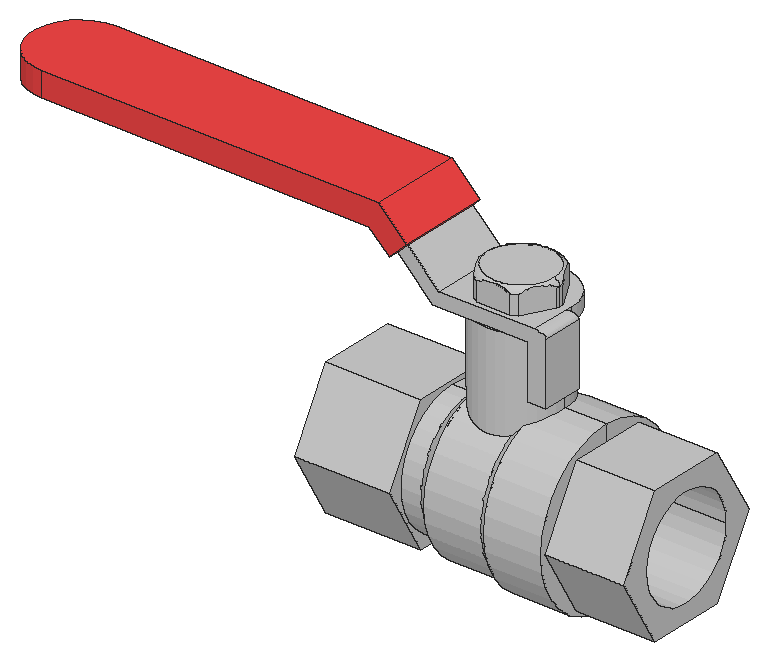
Revit family "РИДАН_BVR-R_Кран шаровой ГОСТ полнопроходной с внутренней резьбой", category Арматура трубопроводов, Revit 2019
Family settings
  Размер круглого соединителя = Использовать диаметр
  Тип детали = Вставляется
  На основе рабочей плоскости = Нет
  Всегда вертикально = Да
  При загрузке вырезать с полостями = Нет
  Общий = Нет
Parameters (values of type "DN15")
  УГО_Длина = p  # 28.61 mm
  Контакты_Производитель = "info@ridan.ru"  # constant formula
  p = size_lookup(LT, "p", 23 mm, ADSK_Диаметр условный)  # 28.61 mm
  o = size_lookup(LT, "o", 23 mm, ADSK_Диаметр условный)  # 29.25 mm
  n = size_lookup(LT, "n", 23 mm, ADSK_Диаметр условный)  # 16 mm
  m = size_lookup(LT, "m", 23 mm, ADSK_Диаметр условный)  # 18.63 mm
  l = size_lookup(LT, "l", 23 mm, ADSK_Диаметр условный)  # 25 mm
  k = size_lookup(LT, "k", 23 mm, ADSK_Диаметр условный)  # 30.6 mm
  j = size_lookup(LT, "j", 23 mm, ADSK_Диаметр условный)  # 24 mm
  i = size_lookup(LT, "i", 23 mm, ADSK_Диаметр условный)  # 28.5 mm
  h = size_lookup(LT, "h", 23 mm, ADSK_Диаметр условный)  # 6.64 mm
  g = size_lookup(LT, "g", 23 mm, ADSK_Диаметр условный)  # 14.68 mm
  f = size_lookup(LT, "f", 23 mm, ADSK_Диаметр условный)  # 10.57 mm
  e = size_lookup(LT, "e", 23 mm, ADSK_Диаметр условный)  # 1.46 mm
  d = size_lookup(LT, "d", 23 mm, ADSK_Диаметр условный)  # 10.42 mm
  c = size_lookup(LT, "c", 23 mm, ADSK_Диаметр условный)  # 2.37 mm
  b = size_lookup(LT, "b", 23 mm, ADSK_Диаметр условный)  # 3.78 mm
  a = size_lookup(LT, "a", 23 mm, ADSK_Диаметр условный)  # 17.71 mm
  URL = "https://ridan.ru/"
  LT = "BVR-R"  # constant formula
  ADSK_Расход жидкости = 0.0000 m³/h
  ADSK_Пропускная способность = size_lookup(LT, "Kv", 0.0000 m³/h, ADSK_Диаметр условный)  # 15.0000 m³/h
  ADSK_Потеря давления жидкости = 100000.0 Pa * (ADSK_Расход жидкости / ADSK_Пропускная способность) ^ 2  # 0.0 Pa
  ADSK_Наименование = "Кран шаровой ГОСТ BVR-R полнопроходной с внутренней резьбой PN40, Tmax=120C, DN15"
  ADSK_Материал = Латунь Никелированная
  ADSK_Масса_Текст = ""
  ADSK_Масса = size_lookup(LT, "M", 0, ADSK_Диаметр условный)  # 0.23
  ADSK_Марка = size_lookup(LT, "Mark", "", ADSK_Диаметр условный)  # "BVR-R DN15"
  ADSK_Количество = 1  # constant formula
  ADSK_Код изделия = size_lookup(LT, "", "", ADSK_Диаметр условный)  # "065B8307RG"
  ADSK_Завод-изготовитель = "ООО «Ридан-Трейд»"  # constant formula
  ADSK_Единица измерения = "шт."
  ADSK_Диаметр условный = 15 mm
  ADSK_Версия семейства = "1.0"  # constant formula
  ADSK_Версия Revit = "2019"  # constant formula
Types (10, lengths in mm): name | УГО_Длина | p | o | n | m | l | k | j | i | h | g | f | e | d | c | b | a | ADSK_Пропускная способность | ADSK_Наименование | ADSK_Масса | ADSK_Марка | ADSK_Код изделия | ADSK_Диаметр условный
  (no name) | 28.61 | 28.61 | 29.25 | 16 | 18.63 | 25 | 30.6 | 24 | 28.5 | 6.64 | 14.68 | 10.57 | 1.46 | 10.42 | 2.37 | 3.78 | 17.71 | 15.0000 m³/h | "Кран шаровой ГОСТ BVR-R полнопроходной с внутренней резьбой PN40, Tmax=120C, DN15" | 0.23 | "BVR-R DN15" | "065B8307RG" | 15
  DN15 | 28.61 | 28.61 | 29.25 | 16 | 18.63 | 25 | 30.6 | 24 | 28.5 | 6.64 | 14.68 | 10.57 | 1.46 | 10.42 | 2.37 | 3.78 | 17.71 | 15.0000 m³/h | "Кран шаровой ГОСТ BVR-R полнопроходной с внутренней резьбой PN40, Tmax=120C, DN15" | 0.23 | "BVR-R DN15" | "065B8307RG" | 15
  DN20 | 33.22 | 33.22 | 32.75 | 16 | 24.12 | 31 | 37.9 | 30.5 | 35.7 | 9.39 | 17.78 | 10.52 | 1.51 | 14.57 | 2.72 | 3.89 | 19 | 28.0000 m³/h | "Кран шаровой ГОСТ BVR-R полнопроходной с внутренней резьбой PN40, Tmax=120C, DN20" | 0.33 | "BVR-R DN20" | "065B8308RG" | 20
  DN25 | 39.32 | 39.32 | 39.85 | 19 | 30.29 | 38 | 46.5 | 38 | 44.7 | 10.78 | 21.68 | 12.22 | 1.31 | 17.1 | 3.47 | 4.6 | 23 | 39.0000 m³/h | "Кран шаровой ГОСТ BVR-R полнопроходной с внутренней резьбой PN40, Tmax=120C, DN25" | 0.55 | "BVR-R DN25" | "065B8309RG" | 25
  DN32 | 46.52 | 46.52 | 44.85 | 19 | 38.95 | 47 | 57 | 46.5 | 54.8 | 13.45 | 23.98 | 12.42 | 1.51 | 23.48 | 4.27 | 4.83 | 25.5 | 84.0000 m³/h | "Кран шаровой ГОСТ BVR-R полнопроходной с внутренней резьбой PN40, Tmax=120C, DN32" | 0.73 | "BVR-R DN32" | "065B8310RG" | 32
  DN40 | 54.92 | 54.92 | 51.85 | 22 | 44.85 | 54 | 68 | 54.5 | 66 | 17.69 | 26.08 | 14.92 | 1.41 | 28.77 | 5.87 | 3.94 | 26 | 156.0000 m³/h | "Кран шаровой ГОСТ BVR-R полнопроходной с внутренней резьбой PN40, Tmax=120C, DN40" | 1.2 | "BVR-R DN40" | "065B8311RG" | 40
  DN50 | 68.12 | 68.12 | 59.1 | 22 | 56.66 | 66 | 83.55 | 66 | 81.5 | 20.26 | 30.88 | 16.07 | 1.46 | 35.99 | 7.87 | 6.72 | 29 | 243.0000 m³/h | "Кран шаровой ГОСТ BVR-R полнопроходной с внутренней резьбой PN40, Tmax=120C, DN50" | 1.76 | "BVR-R DN50" | "065B8312RG" | 50
  DN65 | 80.12 | 80.12 | 81.45 | 38 | 72.23 | 84 | 103.5 | 81 | 101 | 21.39 | 25.68 | 16.87 | 1.66 | 43.47 | 10.12 | 7.99 | 26.5 | 476.0000 m³/h | "Кран шаровой ГОСТ BVR-R полнопроходной с внутренней резьбой PN25, Tmax=120C, DN65" | 3.38 | "BVR-R DN65" | "065B8313RG" | 65
  DN80 | 95.92 | 95.92 | 91.4 | 38 | 84.93 | 96 | 122 | 95.5 | 120 | 26.76 | 27.38 | 22.12 | 1.41 | 51.64 | 12.37 | 8.37 | 28 | 770.0000 m³/h | "Кран шаровой ГОСТ BVR-R полнопроходной с внутренней резьбой PN25, Tmax=120C, DN80" | 4.7 | "BVR-R DN80" | "065B8314RG" | 80
  DN100 | 120.22 | 120.22 | 116.05 | 46.21 | 110.07 | 123 | 152 | 122 | 149.8 | 34.86 | 31.18 | 25.22 | 1.51 | 66.84 | 14.02 | 12.62 | 30 | 1200.0000 m³/h | "Кран шаровой ГОСТ BVR-R полнопроходной с внутренней резьбой PN25, Tmax=120C, DN100" | 8.54 | "BVR-R DN100" | "065B8315RG" | 100
Reference planes
  plane 1 "По центру (Вперед/Назад)": y = 0
  plane 2: z = 0
  plane 3 "По центру (Влево/Вправо)": x = 0
  plane 4: x = -6.64
  plane 5: x = -9.01
  plane 6: x = -12.79
  plane 7: x = -30.5
  plane 8: x = 3.78
  plane 9: x = 5.24
  plane 10: x = 15.81
  plane 11: x = 30.49
  plane 12: z = 12
  plane 13: z = -12
  plane 14: z = -14.25
  plane 15: z = 14.25
  plane 16: z = 15.3
  plane 17: z = -15.3
  plane 18: x = -8
  plane 19: x = 8
  plane 20: z = 29.25
Forms (mm)
  Revolve 1, solid, material "Латунь Никелированная" <- "ADSK_Материал", detail levels fine
    sketch origin (0, 0, 0) x (1, 0, 0) y (0, 0, 1)
      loop
        line (15.81, -15.3) -> (15.81, 0) -> (-12.79, 0) -> (-12.79, -12) -> (-9.01, -12) -> (-6.64, -14.25) -> (3.78, -14.25) -> (5.24, -15.3) -> (15.81, -15.3)
      axis (-12.79, 0) -> (15.81, 0)
    angle from 0 to 360
  Extrusion 2, void
    sketch origin (0, 0, 0) x (0, 1, 0) y (0, 0, 1)
      loop
        circle (0, 0) r 9.315
    from -30.5 to -12.79
  Extrusion 3, void
    sketch origin (0, 0, 0) x (0, 1, 0) y (0, 0, 1)
      loop
        circle (0, 0) r 9.315
    from 15.81 to 30.49
  Revolve 4, solid, material "Латунь Никелированная" <- "ADSK_Материал", detail levels fine
    sketch origin (0, 0, 0) x (1, 0, 0) y (0, 0, 1)
      loop
        line (-8, 29.25) -> (-8, 0) -> (0, 0) -> (0, 29.25) -> (-8, 29.25)
      axis (0, 29.25) -> (0, 0)
    angle from 0 to 360
  Extrusion 5, solid, material "Латунь Никелированная" <- "ADSK_Материал", detail levels fine
    sketch origin (0, 0, 0) x (0, 1, 0) y (0, 0, 1)
      loop
        line (14.434, 0) -> (7.217, 12.5) -> (-7.217, 12.5) -> (-14.434, 0) -> (-7.217, -12.5) -> (7.217, -12.5) -> (14.434, 0)
    from 15.81 to 30.49
  Extrusion 6, solid, material "Латунь Никелированная" <- "ADSK_Материал", detail levels fine
    sketch origin (0, 0, 0) x (0, 1, 0) y (0, 0, 1)
      loop
        line (-14.434, 0) -> (-7.217, -12.5) -> (7.217, -12.5) -> (14.434, 0) -> (7.217, 12.5) -> (-7.217, 12.5) -> (-14.434, 0)
    from -30.5 to -12.79
Cuts and joins
  Extrusion 3 cuts Extrusion 5
  Extrusion 2 cuts Extrusion 6
Dimensions and locks
  "a": plane 6 to plane 7
  "b": plane 5 to plane 6
  "c": plane 4 to plane 5
  "h": plane 3 "По центру (Влево/Вправо)" to plane 4
  "d": plane 8 to plane 4
  "e": plane 9 to plane 8
  "f": plane 10 to plane 9
  "g": plane 11 to plane 10
  equal spacing: plane 12, plane 2, plane 13
  "j": plane 12 to plane 13
  equal spacing: plane 15, plane 2, plane 14
  "i": plane 15 to plane 14
  equal spacing: plane 16, plane 2, plane 17
  "k": plane 16 to plane 17
  equal spacing: plane 18, plane 3 "По центру (Влево/Вправо)", plane 19
  "n": plane 18 to plane 19
  "o": plane 20 to plane 2
  equal spacing: Extrusion 5 sketch curve, Revolve 4, Extrusion 5 sketch curve  (x3)
  "l": Extrusion 5 sketch curve to Extrusion 5 sketch curve  (x2)
  equal spacing: Extrusion 6 sketch curve, Revolve 4, Extrusion 6 sketch curve  (x3)
  "l": Extrusion 6 sketch curve to Extrusion 6 sketch curve  (x2)
  level to connector elem = 0 mm
  "m": diameter of Extrusion 2 sketch curve
  "m": diameter of Extrusion 3 sketch curve
  angle Extrusion 5 sketch curve to Extrusion 5 sketch curve = 120.00°  (x6)
  angle Extrusion 6 sketch curve to Extrusion 6 sketch curve = 120.00°  (x6)
  aligned and locked: level to plane 2
  aligned and locked: Revolve 1 sketch curve to plane 14
  aligned and locked: plane 17 to Revolve 1 sketch curve
  aligned and locked: Revolve 1 sketch curve to plane 10
  aligned and locked: plane 13 to Revolve 1 sketch curve
  aligned and locked: plane 6 to Revolve 1 sketch curve
  aligned and locked: Revolve 1 sketch curve to plane 2
  aligned and locked: Extrusion 2 to plane 7
  aligned and locked: plane 6 to Extrusion 2
  aligned and locked: Extrusion 3 to plane 10
  aligned and locked: plane 11 to Extrusion 3
  aligned and locked: Revolve 4 sketch curve to plane 20
  aligned and locked: Revolve 4 sketch curve to plane 18
  aligned and locked: plane 2 to Revolve 4 sketch curve
  aligned and locked: Revolve 4 sketch curve to plane 3 "По центру (Влево/Вправо)"
  aligned and locked: Extrusion 5 to plane 10
  aligned and locked: plane 11 to Extrusion 5
  aligned and locked: Extrusion 6 to plane 7
  aligned and locked: plane 6 to Extrusion 6
  aligned and locked: nested 2 to plane 6
Automatic sketch dimensions
  Revolve 1 sketch curve to level = 0 mm
  Revolve 1 sketch curve to plane 5 = 0 mm
  Revolve 1 sketch curve to plane 4 = 0 mm
  Revolve 1 sketch curve to plane 8 = 0 mm
  Revolve 1 sketch curve to plane 9 = 0 mm
  Revolve 1 sketch curve to Revolve 1 sketch curve = 2.215 mm
  plane 10 to Revolve 1 sketch curve = 4.185 mm
  Revolve 4 sketch curve to plane 3 "По центру (Влево/Вправо)" = 0 mm
  Revolve 4 sketch curve to level = 3.906 mm
  Revolve 4 sketch curve to Revolve 4 sketch curve = 6.844 mm
  Extrusion 2 sketch curve to level = 0 mm
  Extrusion 2 sketch curve to plane 1 "По центру (Вперед/Назад)" = 0 mm
  Extrusion 3 sketch curve to level = 0 mm
  Extrusion 3 sketch curve to plane 1 "По центру (Вперед/Назад)" = 0 mm
  Extrusion 5 sketch curve to level = 0 mm
  Extrusion 6 sketch curve to level = 0 mm
Nested families
  nested 1: "Рукоятка BVR-R" at (0, 0, 29.25), ADSK_Диаметр условный <- "ADSK_Диаметр условный", type "Рукоятка BVR-R", detail levels fine
    with z2 7.15 mm, z1 16.3 mm, z 14.3 mm, y 6.15 mm, x 1 mm, w 4.5 mm, v 13 mm, u 14.85 mm, t 20.51 mm, s 2 mm, r 9.5 mm, q 65.93 mm, p 8.5 mm, o 107 mm, n 4.5 mm, m 77 mm, l 17 mm, k 16 mm, j 15 mm, i 1.5 mm, h 10 mm, g 10.62 mm, f 3.5 mm, e 2.5 mm, d 7.5 mm, c 9 mm, b 8.51 mm, a 10.01 mm, ADSK_Диаметр условный 15 mm
  nested 2: "УГО_запорного_клапана" at (1.515, 0, 0), Длина_УГО <- "УГО_Длина", type "УГО_запорного_клапана"
    with Длина_УГО 28.61 mm, Высота_УГО 16.518 mm
Connectors
  piping at (15.81, 0, 0), diameter 15, driven by "ADSK_Диаметр условный", driven by "ADSK_Расход жидкости", driven by "ADSK_Потеря давления жидкости"
    settings: on plane 10, index 1, connector inside diameter 609.6 mm, connector length 0 mm, flow factor 0, pipe flow 0.0000 m³/h, pressure drop 0.0 Pa, fitting loss kfactor 0, connector angle 0.00°, fixture units 0, engagement length 0 mm, angle of deflection 0.00°, flow configuration 0, flow direction 0, fitting loss method 4, system type 29, joint type 0, gender type 0, connector reference index -1, connector utility 0, adjustable connector no, is connector primary yes, connector description ""
  piping at (-12.79, 0, 0), diameter 15, driven by "ADSK_Диаметр условный", driven by "ADSK_Расход жидкости"
    settings: on plane 6, index 2, connector inside diameter 609.6 mm, connector length 0 mm, flow factor 0, pipe flow 0.0000 m³/h, pressure drop 0.0 Pa, fitting loss kfactor 0, connector angle 0.00°, fixture units 0, engagement length 0 mm, angle of deflection 0.00°, flow configuration 0, flow direction 0, fitting loss method 0, system type 29, joint type 0, gender type 0, connector reference index -1, connector utility 0, adjustable connector no, is connector primary no, connector description ""
Definition of nested family "Рукоятка BVR-R"
  Parameters (values of type "Рукоятка BVR-R")
    Default Elevation = 1219.2 mm
    z2 [instance] = z / 2  # 7.15 mm
    z1 [instance] = z + 2 mm  # 16.3 mm
    z [instance] = size_lookup(LT, "z", 23 mm, ADSK_Диаметр условный)  # 14.3 mm
    y [instance] = z2 - 1 mm  # 6.15 mm
    x [instance] = 1 mm  # constant formula
    w [instance] = size_lookup(LT, "w", 23 mm, ADSK_Диаметр условный)  # 4.5 mm
    v [instance] = size_lookup(LT, "v", 23 mm, ADSK_Диаметр условный)  # 13 mm
    u [instance] = size_lookup(LT, "u", 23 mm, ADSK_Диаметр условный)  # 14.85 mm
    t [instance] = size_lookup(LT, "t", 23 mm, ADSK_Диаметр условный)  # 20.51 mm
    s [instance] = size_lookup(LT, "s", 23 mm, ADSK_Диаметр условный)  # 2 mm
    r [instance] = size_lookup(LT, "r", 23 mm, ADSK_Диаметр условный)  # 9.5 mm
    q [instance] = size_lookup(LT, "q", 23 mm, ADSK_Диаметр условный)  # 65.93 mm
    p [instance] = size_lookup(LT, "p", 23 mm, ADSK_Диаметр условный)  # 8.5 mm
    o [instance] = m + 30 mm  # 107 mm
    n [instance] = size_lookup(LT, "n", 23 mm, ADSK_Диаметр условный)  # 4.5 mm
    m [instance] = size_lookup(LT, "m", 23 mm, ADSK_Диаметр условный)  # 77 mm
    l [instance] = size_lookup(LT, "l", 23 mm, ADSK_Диаметр условный)  # 17 mm
    k [instance] = size_lookup(LT, "k", 23 mm, ADSK_Диаметр условный)  # 16 mm
    j [instance] = size_lookup(LT, "j", 23 mm, ADSK_Диаметр условный)  # 15 mm
    i [instance] = size_lookup(LT, "i", 23 mm, ADSK_Диаметр условный)  # 1.5 mm
    h [instance] = size_lookup(LT, "h", 23 mm, ADSK_Диаметр условный)  # 10 mm
    g [instance] = size_lookup(LT, "g", 23 mm, ADSK_Диаметр условный)  # 10.62 mm
    f [instance] = size_lookup(LT, "f", 23 mm, ADSK_Диаметр условный)  # 3.5 mm
    e [instance] = size_lookup(LT, "e", 23 mm, ADSK_Диаметр условный)  # 2.5 mm
    d [instance] = size_lookup(LT, "d", 23 mm, ADSK_Диаметр условный)  # 7.5 mm
    c [instance] = size_lookup(LT, "c", 23 mm, ADSK_Диаметр условный)  # 9 mm
    b [instance] = size_lookup(LT, "b", 23 mm, ADSK_Диаметр условный)  # 8.51 mm
    a [instance] = size_lookup(LT, "a", 23 mm, ADSK_Диаметр условный)  # 10.01 mm
    LT = "BVR-R-R"  # constant formula
    ADSK_Диаметр условный [instance] = 15 mm
  Reference planes
    plane 1 "По центру (Вперед/Назад)": y = 0
    plane 2: z = 0
    plane 3 "По центру (Влево/Вправо)": x = 0
    plane 4: x = -10.01
    plane 5: x = 8.51
    plane 6: y = 9
    plane 7: y = -7.5
    plane 8: z = 2.5
    plane 9: x = 10.62
    plane 10: x = 7.12
    plane 11: z = -10
    plane 12: y = 10.5
    plane 13: x = -16
    plane 14: y = 7.5
    plane 15: y = -7.5
    plane 16: x = -93
    plane 17: y = 8.5
    plane 18: y = -8.5
    plane 19: z = 14
    plane 20: z = 9.5
    plane 21: x = -123
    plane 22: x = -81.93
    plane 23: y = 9.475
    plane 24: y = -9.475
    plane 25: x = -20.51
    plane 26: z = 11.75
    plane 27: x = -8.01
    plane 28: z = 7
    plane 29: x = 6.15
    plane 30: z = 6
    plane 31: x = 7.15
  Forms (mm)
    Extrusion 1, solid
      sketch origin (0, 0, 0) x (1, 0, 0) y (0, 1, 0)
        loop
          line (-10.01, -7.5) -> (8.51, -7.5) -> (8.51, 0.946)
          arc (8.51, 0.946) -> (6.151, 6.641) -> (0.456, 9) r 8.054
          line (0.456, 9) -> (-10.01, 9) -> (-10.01, -7.5)
      from 0 to 2.5
    Extrusion 2, solid
      sketch origin (0, 0, 0) x (1, 0, 0) y (0, 0, 1)
        loop
          line (7.12, -10) -> (10.62, -10) -> (10.62, 1.5)
          spline (10.62, 1.5) -> (10.602, 1.631) -> (10.548, 1.759) -> (10.459, 1.883) -> (10.337, 2) -> (10.184, 2.109) -> (10.002, 2.207) -> (9.794, 2.293) -> (9.565, 2.366) -> (9.317, 2.424) -> (9.056, 2.466) -> (8.785, 2.491) -> (8.51, 2.5)
          line (8.51, 2.5) -> (7.12, 2.5) -> (7.12, -10)
      from 0 to 7.5
    Extrusion 3, solid
      sketch origin (0, 0, 0) x (0, 1, 0) y (0, 0, 1)
        loop
          line (10.5, -10) -> (10.5, 0.888)
          arc (10.5, 0.888) -> (10.067, 1.989) -> (9, 2.5) r 1.617
          line (9, 2.5) -> (9, -10) -> (10.5, -10)
      from -10.01 to 0
    Extrusion 4, void
      sketch origin (0, 0, 0) x (1, 0, 0) y (0, 1, 0)
        loop
          line (-123, 9.475) -> (-123, -9.475) -> (-81.93, -9.475) -> (-81.93, -8.5)
          arc (-81.93, -8.5) -> (-90.43, 0) -> (-81.93, 8.5) r 8.5
          line (-81.93, 8.5) -> (-81.93, 9.475) -> (-123, 9.475)
      from 9.5 to 14
    Sweep 5, solid
      path origin (0, 0, 0) x (1, 0, 0) y (0, 0, 1)
        loop
          line (-8.01, 0.855) -> (-10.01, 0.855) -> (-20.511, 11.355)
      profile origin (-9.01, 0, 0.855) x (0, 0, -1) y (0, -1, 0)
        loop
          line (-1.645, 7.5) -> (-1.645, -7.5) -> (0.855, -7.5) -> (0.855, 7.5) -> (-1.645, 7.5)
    Sweep 6, solid
      path origin (0, 0, 0) x (1, 0, 0) y (0, 0, 1)
        loop
          line (-93, 11.75) -> (-20.51, 11.75) -> (-16, 7.32)
      profile origin (-56.755, 0, 11.75) x (0, 0, 1) y (0, -1, 0)
        loop
          line (2.25, -8.5) -> (2.25, 8.5) -> (-2.25, 8.5) -> (-2.25, -8.5) -> (2.25, -8.5)
    Extrusion 7, solid
      sketch origin (0, 0, 0) x (1, 0, 0) y (0, 1, 0)
        loop
          line (7.506, 0) -> (3.753, 6.5) -> (-3.753, 6.5) -> (-7.506, 0) -> (-3.753, -6.5) -> (3.753, -6.5) -> (7.506, 0)
      from 2.5 to 7
    Extrusion 8, void
      sketch origin (0, 0, 0) x (1, 0, 0) y (0, 1, 0)
        loop
          circle (0, 0) r 7.15
        loop
          circle (0, 0) r 8.15
      from 2.5 to 7
    Revolve 9, void
      sketch origin (0, 0, 0) x (1, 0, 0) y (0, 0, 1)
        loop
          arc (6.15, 7) -> (6.742, 6.592) -> (7.15, 6) r 1.992
          line (7.15, 6) -> (9.302, 6) -> (9.302, 7) -> (6.15, 7)
        axis (0, 7) -> (0, 6)
      angle from 0 to 360
  Cuts and joins
    Extrusion 4 cuts Sweep 6
    joined: Extrusion 1, Extrusion 2, Extrusion 3, Sweep 5
    Extrusion 8, Revolve 9 cuts Extrusion 7
  Lines and regions (mm)
    reference lines
      curve 1: line (-10.01, 0, 0.855) -> (-14.445, 0, 5.289)
  Dimensions and locks
    "a": plane 4 to plane 3 "По центру (Влево/Вправо)"
    "b": plane 3 "По центру (Влево/Вправо)" to plane 5
    "c": plane 6 to plane 1 "По центру (Вперед/Назад)"
    "d": plane 7 to plane 1 "По центру (Вперед/Назад)"
    "e": plane 8 to plane 2
    "g": plane 9 to plane 3 "По центру (Влево/Вправо)"
    "f": plane 10 to plane 9
    "h": plane 2 to plane 11
    "i": plane 6 to plane 12
    equal spacing: plane 15, plane 1 "По центру (Вперед/Назад)", plane 14
    "j": plane 15 to plane 14
    equal spacing: plane 18, plane 1 "По центру (Вперед/Назад)", plane 17
    "l": plane 18 to plane 17
    "m": plane 16 to plane 13
    "n": plane 19 to plane 20
    "o": plane 21 to plane 13
    plane 17 to plane 23 = 0.975 mm
    plane 24 to plane 18 = 0.975 mm
    "q": plane 22 to plane 13
    "r": plane 20 to plane 2
    equal spacing: plane 19, plane 26, plane 20
    "k": plane 3 "По центру (Влево/Вправо)" to plane 13
    "t": plane 3 "По центру (Влево/Вправо)" to plane 25
    "s": plane 4 to plane 27
    "u": Sweep 5 sketch curve to Sweep 5 sketch curve
    "w": plane 28 to plane 8
    equal spacing: Extrusion 7 sketch curve, plane 3 "По центру (Влево/Вправо)", Extrusion 7 sketch curve  (x2)
    equal spacing: Extrusion 7 sketch curve, plane 1 "По центру (Вперед/Назад)", Extrusion 7 sketch curve
    "v": Extrusion 7 sketch curve to Extrusion 7 sketch curve  (x2)
    "y": plane 29 to plane 3 "По центру (Влево/Вправо)"
    "x": plane 28 to plane 30
    "z2": plane 31 to plane 3 "По центру (Влево/Вправо)"
    "p": radius of Extrusion 4 sketch curve
    "z": diameter of Extrusion 8 sketch curve
    "z1": diameter of Extrusion 8 sketch curve
    angle Extrusion 7 sketch curve to Extrusion 7 sketch curve = 120.00°  (x6)
    aligned and locked: level to plane 2
    aligned and locked: Extrusion 1 sketch curve to plane 4
    aligned and locked: Extrusion 1 sketch curve to plane 7
    aligned and locked: Extrusion 1 sketch curve to plane 5
    aligned and locked: Extrusion 1 sketch curve to plane 6
    aligned and locked: plane 8 to Extrusion 1
    aligned and locked: Extrusion 2 to plane 7
    aligned and locked: plane 4 to Extrusion 3
    aligned and locked: plane 3 "По центру (Влево/Вправо)" to Extrusion 3
    aligned and locked: plane 18 to Extrusion 4 sketch curve
    aligned and locked: Sweep 5 sketch curve to curve 1
    aligned and locked: Sweep 5 sketch curve to Extrusion 1
    aligned and locked: Extrusion 2 to Sweep 5 sketch curve
    aligned and locked: Sweep 5 sketch curve to level
    aligned and locked: Sweep 5 sketch curve to plane 14
    aligned and locked: plane 13 to Sweep 6 sketch curve
    aligned and locked: Sweep 6 sketch curve to plane 19
    aligned and locked: Sweep 6 sketch curve to plane 17
    aligned and locked: plane 20 to Sweep 6 sketch curve
    aligned and locked: plane 18 to Sweep 6 sketch curve
    aligned and locked: Extrusion 4 to plane 19
    aligned and locked: plane 20 to Extrusion 4
    aligned and locked: Extrusion 7 to plane 8
    aligned and locked: plane 28 to Extrusion 7
    aligned and locked: Extrusion 8 to plane 8
    aligned and locked: plane 28 to Extrusion 8
  Automatic sketch dimensions
    Extrusion 2 sketch curve to plane 8 = 0 mm
    plane 10 to Extrusion 2 sketch curve = 0 mm
    plane 5 to Extrusion 2 sketch curve = 0 mm  (x2)
    plane 9 to Extrusion 2 sketch curve = 0 mm
    Extrusion 2 sketch curve to plane 11 = 0 mm
    level to Extrusion 2 sketch curve = 1.5 mm
    Extrusion 2 sketch curve to Extrusion 2 sketch curve = 0 mm  (x2)
    plane 4 to curve 1 = 0 mm
    curve 1 to plane 8 = 1.645 mm
    plane 4 to curve 1 = 4.435 mm
    plane 8 to curve 1 = 2.789 mm
    plane 16 to Sweep 6 sketch curve = 0 mm
    Sweep 6 sketch curve to plane 25 = 0 mm
    Sweep 6 sketch curve to plane 26 = 0 mm
    plane 20 to Sweep 6 sketch curve = 2.18 mm
    plane 3 "По центру (Влево/Вправо)" to Extrusion 1 sketch curve = 0.456 mm
    Extrusion 3 sketch curve to plane 6 = 0 mm
    Extrusion 3 sketch curve to plane 11 = 0 mm
    Extrusion 3 sketch curve to plane 12 = 0 mm
    Extrusion 3 sketch curve to plane 8 = 0 mm
    Extrusion 3 sketch curve to plane 6 = 0.117 mm
    Revolve 9 sketch curve to plane 3 "По центру (Влево/Вправо)" = 0 mm
    Revolve 9 sketch curve to plane 28 = 0 mm
    Revolve 9 sketch curve to plane 29 = 0 mm
    Revolve 9 sketch curve to plane 30 = 0 mm
    Revolve 9 sketch curve to plane 31 = 0 mm
    Revolve 9 sketch curve to plane 29 = 0.817 mm
    Revolve 9 sketch curve to plane 5 = 0.792 mm
    Revolve 9 sketch curve to plane 8 = 0.806 mm
    Revolve 9 sketch curve to plane 20 = 0.066 mm
    Extrusion 4 sketch curve to plane 21 = 0 mm
    Extrusion 4 sketch curve to plane 22 = 0 mm
    plane 24 to Extrusion 4 sketch curve = 0 mm
    plane 23 to Extrusion 4 sketch curve = 0 mm
    plane 4 to Sweep 5 sketch curve = 0 mm
    Sweep 5 sketch curve to plane 27 = 0 mm
    plane 1 "По центру (Вперед/Назад)" to Extrusion 7 sketch curve = 0 mm
    Extrusion 8 sketch curve to Extrusion 8 sketch curve = 0 mm  (x2)
    plane 1 "По центру (Вперед/Назад)" to Extrusion 8 sketch curve = 0 mm
    Extrusion 8 sketch curve to plane 3 "По центру (Влево/Вправо)" = 0 mm
Definition of nested family "УГО_запорного_клапана"
  Parameters (values of type "УГО_запорного_клапана")
    Длина_УГО [instance] = 100 mm
    Высота_УГО [instance] = (Длина_УГО / 2) / cos(30.00°)  # 57.735 mm
  Reference planes
    plane 1 "По центру (Вперед/Назад)": y = 0
    plane 2: z = 0
    plane 3 "По центру (Влево/Вправо)": x = 0
    plane 4: x = -50
    plane 5: x = 50
    plane 6: z = 28.868
    plane 7: z = -28.868
  Forms (mm)
    Extrusion 1, solid
      sketch origin (0, 0, 0) x (1, 0, 0) y (0, 0, 1)
        loop
          line (-50, 28.868) -> (-50, -28.868) -> (0, 0) -> (-50, 28.868)
      from -0.5 to 0.5
    Extrusion 2, solid
      sketch origin (0, 0, 0) x (1, 0, 0) y (0, 0, 1)
        loop
          line (50, 28.868) -> (0, 0) -> (50, -28.868) -> (50, 28.868)
      from -0.5 to 0.5
  Dimensions and locks
    equal spacing: plane 5, plane 3 "По центру (Влево/Вправо)", plane 4
    "Длина_УГО": plane 5 to plane 4
    equal spacing: plane 6, level, plane 7
    "Высота_УГО": plane 6 to plane 7
    aligned and locked: level to plane 2
    aligned and locked: Extrusion 1 sketch curve to plane 4
    aligned and locked: Extrusion 2 sketch curve to plane 5
    aligned and locked: plane 6 to Extrusion 1 sketch curve
    aligned and locked: plane 7 to Extrusion 1 sketch curve
    aligned and locked: plane 6 to Extrusion 2 sketch curve
    aligned and locked: plane 7 to Extrusion 2 sketch curve
  Automatic sketch dimensions
    Extrusion 1 sketch curve to level = 0 mm
    Extrusion 1 sketch curve to plane 3 "По центру (Влево/Вправо)" = 0 mm
    Extrusion 2 sketch curve to level = 0 mm
    Extrusion 2 sketch curve to plane 3 "По центру (Влево/Вправо)" = 0 mm
